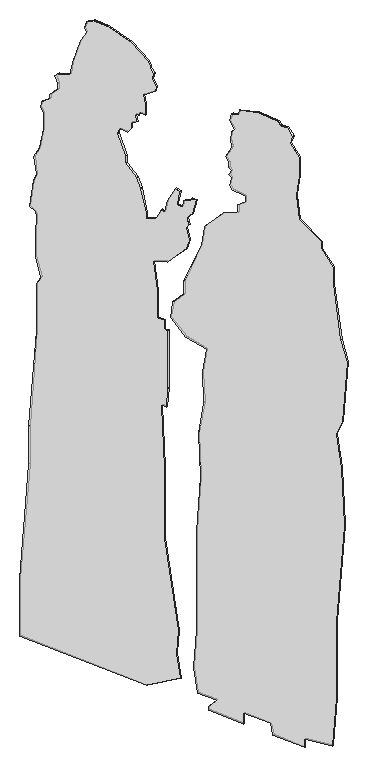
Revit family "Flat Arabs 01", category Entourage, Revit 2015
Parameters
  Flat Material [instance] = none
  Height = 0 mm
Reference planes
  plane 1 "Center (Front/Back)": y = 0
  plane 2: z = 0
  plane 3 "Center (Left/Right)": x = 0
  plane 4: z = 1800
Forms (mm)
  Extrusion 1, solid, material <- "Flat Material"
    sketch origin (0, 0, 0) x (1, 0, 0) y (0, 0, 1)
      loop
        line (-120, 0) -> (-11.363, 57.576) -> (-23.519, 126.513) -> (-17.854, 191.266) -> (-61.266, 437.467) -> (-61.266, 637.467) -> (-71.059, 812.166) -> (-56.059, 812.166) -> (-51.266, 866.956) -> (-51.266, 1031.956) -> (-61.266, 1031.956) -> (-61.266, 1056.956) -> (-83.071, 1056.956) -> (-83.071, 1131.956) -> (-95.586, 1210.971) -> (-52.248, 1223.089) -> (6.74, 1282.077) -> (17, 1310.268) -> (7.575, 1343.975) -> (15.322, 1351.722) -> (9.937, 1370.983) -> (27.614, 1388.661) -> (39.261, 1432.128) -> (24.261, 1432.128) -> (19.261, 1423.467) -> (0, 1418.082) -> (-5.169, 1398.792) -> (-20.169, 1398.792) -> (-13.223, 1438.185) -> (-27.712, 1442.067) -> (-52.712, 1398.766) -> (-62.371, 1362.717) -> (-72.03, 1365.305) -> (-86.953, 1339.459) -> (-118.673, 1324.667) -> (-118.673, 1339.667) -> (-136.292, 1402.676) -> (-148.97, 1429.866) -> (-183.442, 1458.791) -> (-183.442, 1478.565) -> (-208.8, 1532.943) -> (-204.917, 1547.432) -> (-179.917, 1547.432) -> (-167.062, 1562.753) -> (-167.062, 1579.776) -> (-152.573, 1583.658) -> (-149.037, 1587.194) -> (-154.037, 1605.854) -> (-144.037, 1605.854) -> (-141.449, 1615.513) -> (-121.449, 1615.513) -> (-121.449, 1645.513) -> (-128.612, 1672.245) -> (-118.952, 1674.833) -> (-90.282, 1694.908) -> (-86.4, 1709.397) -> (-100.542, 1723.539) -> (-95.366, 1742.858) -> (-105.972, 1753.464) -> (-105.972, 1758.464) -> (-112.311, 1772.059) -> (-167.435, 1806.504) -> (-239.879, 1825.915) -> (-284.879, 1825.915) -> (-307.364, 1815.43) -> (-313.875, 1796.52) -> (-308.006, 1783.933) -> (-328.081, 1755.263) -> (-352.499, 1684.349) -> (-360.338, 1648.226) -> (-398.975, 1637.873) -> (-408.497, 1628.351) -> (-398.975, 1607.931) -> (-398.975, 1592.931) -> (-423.723, 1568.182) -> (-423.723, 1558.182) -> (-450.459, 1539.462) -> (-454.7, 1519.917) -> (-444.094, 1509.31) -> (-444.094, 1464.31) -> (-456.922, 1405.192) -> (-474.422, 1374.881) -> (-465.74, 1325.641) -> (-475.74, 1308.32) -> (-488.254, 1229.305) -> (-470.934, 1219.305) -> (-466.576, 1207.332) -> (-470.934, 1157.523) -> (-470.934, 1092.523) -> (-452.123, 1040.84) -> (-465.528, 1017.622) -> (-465.528, 887.622) -> (-490.367, 603.706) -> (-490.367, 498.706) -> (-520, 160) -> (-520, 0) -> (-120, 0)
      loop
        line (124.272, 1425.631) -> (65.187, 1366.545) -> (55.636, 1312.381) -> (0, 1187.42) -> (0, 1152.42) -> (-35.355, 1117.064) -> (-43.505, 1070.843) -> (6.19, 1031.956) -> (70.202, 1020.669) -> (58.047, 951.733) -> (62.805, 866.866) -> (46.308, 773.309) -> (53.025, 653.497) -> (39.08, 494.106) -> (39.08, 214.106) -> (29.493, 104.525) -> (41.648, 35.588) -> (101.648, 35.588) -> (78.202, 12.142) -> (78.202, 0) -> (188.202, 0) -> (188.202, 30) -> (273.202, 30) -> (281.24, 0) -> (381.648, 0) -> (381.648, 25) -> (469.415, 35.588) -> (481.617, 175.055) -> (481.617, 390.055) -> (506.456, 673.971) -> (497.501, 833.72) -> (481.617, 923.802) -> (501.042, 965.46) -> (516.295, 1139.794) -> (495.773, 1196.176) -> (472.308, 1344.329) -> (472.308, 1394.329) -> (434.509, 1432.128) -> (434.509, 1452.128) -> (365.227, 1492.128) -> (355.059, 1556.327) -> (365.495, 1615.513) -> (365.495, 1666.853) -> (335.651, 1696.698) -> (344.201, 1720.19) -> (326.265, 1738.126) -> (306.265, 1738.126) -> (299.194, 1745.197) -> (234.352, 1749.732) -> (176.135, 1735.216) -> (171.004, 1721.121) -> (151.598, 1716.282) -> (143.048, 1692.79) -> (159.118, 1673.639) -> (150.635, 1665.156) -> (146.294, 1640.536) -> (151.132, 1621.13) -> (131.132, 1586.489) -> (141.739, 1575.883) -> (141.739, 1560.883) -> (148.81, 1553.812) -> (141.739, 1541.564) -> (148.81, 1534.493) -> (144.468, 1509.873) -> (155.075, 1499.266) -> (194.978, 1496.476) -> (194.978, 1481.476) -> (170.403, 1464.269) -> (170.403, 1444.269) -> (124.272, 1425.631)
    from -2.5 to 2.5
Lines and regions (mm)
  model lines
    curve 1: line (0, 148, 0) -> (0, -152, 0)
    curve 2: line (148.202, -0.202, 0) -> (-151.798, -0.202, 0)
Dimensions and locks
  aligned and locked: level to plane 2
